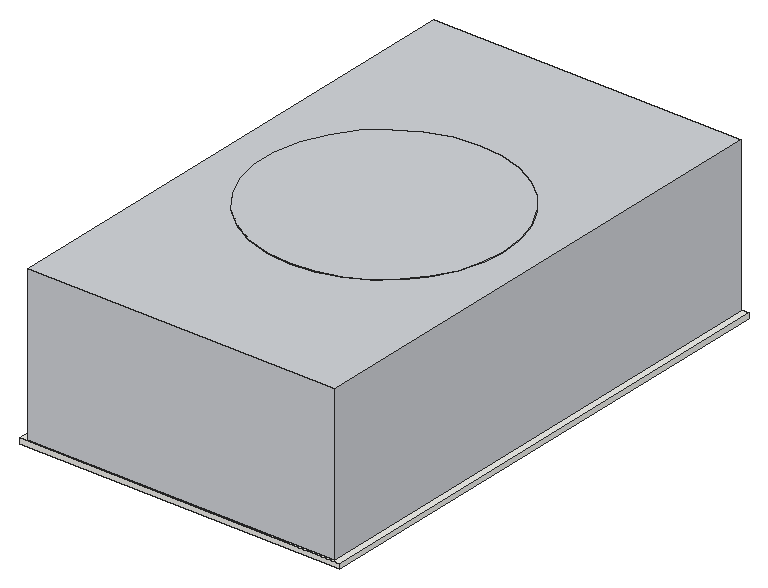
Revit family "MADEL_GRILL_AIR RETURN_FIXED BLADES 45º_DMT+(PLRX - PLRXL) – (1.D1)", category Terminales de aire, Revit 2015 (continued)
Types (87, lengths in mm): name | Q_Connector | Q | Product Type | Product Size | Product Reference | Plenum Connection Type | PLRX/L | PLRX | Nº  Blades | N_Graphic lines | Modelo | Lw (dB(A)) | L3 | H2 | L | Kf | H1 | H | Flujo mín. | Flujo máx. | E | D_Connector | D1 | Blade Lenght | B | Afree
  DMT-AR+PLRX/L 200x200 | 178.633 m³/h | 178.633 m³/h | "DMT-AR+PLRX/L 200x200" | "200x200" | "DMT-AR+SP+PLRX/L (S)" | "Lateral" | yes | no | 7 | 5 | "DMT-AR+PLRX/L 200x200" | 7.2079 | 185.0 | 30.833 | 200.0 | -5.8824 | 185.0 | 200.0 | 119.089 m³/h | 238.178 m³/h | 220.0 | 200.0 | 198.0 | 185.0 | 230.0 | 0.0220535 m²
  DMT-AR+PLRX/L 200x150 | 130.869 m³/h | 130.869 m³/h | "DMT-AR+PLRX/L 200x150" | "200x150" | "DMT-AR+SP+PLRX/L (S)" | "Lateral" | yes | no | 5 | 4 | "DMT-AR+PLRX/L 200x150" | 5.8627 | 185.0 | 27.0 | 200.0 | -7.2277 | 135.0 | 150.0 | 87.246 m³/h | 174.492 m³/h | 170.0 | 160.0 | 158.0 | 185.0 | 230.0 | 0.0161567 m²
  DMT-AR+PLRX/L 200x100 | 83.1046 m³/h | 83.1046 m³/h | "DMT-AR+PLRX/L 200x100" | "200x100" | "DMT-AR+SP+PLRX/L (S)" | "Lateral" | yes | no | 3 | 3 | "DMT-AR+PLRX/L 200x100" | 3.8994 | 185.0 | 21.25 | 200.0 | -9.191 | 85.0 | 100.0 | 55.403 m³/h | 110.806 m³/h | 120.0 | 125.0 | 123.0 | 185.0 | 230.0 | 0.0102598 m²
